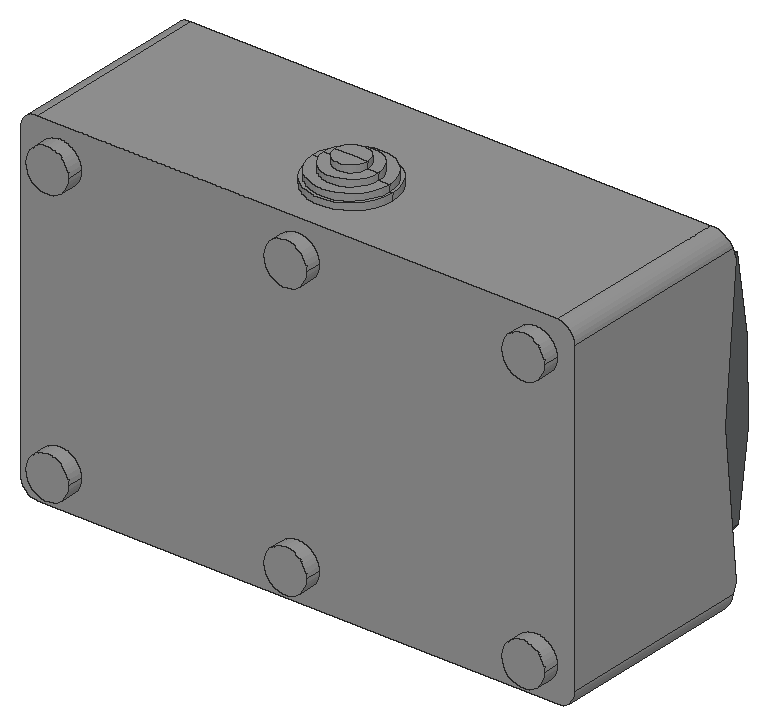
Revit family "IEK_Розетка_ОУ_З_16А_2-мест_IP54_FORS", category Электрические приборы, Revit 2019
Family settings
  Сохранять ориентацию аннотаций = Да
  Размер круглого соединителя = Использовать диаметр
  Тип детали = Нормальный
  На основе рабочей плоскости = Нет
  Всегда вертикально = Да
  При загрузке вырезать с полостями = Нет
  Общий = Нет
  Точка расчета площади = Нет
Parameters (values of type "РСб22-3-ФСр_Серый")
  Ширина = 127 mm  # constant formula
  Тип монтажа = "Поверхность монтажа (открытая установка)"  # constant formula
  Степень защиты = "IP54"  # constant formula
  Описание = "Электроустановочные изделия серии FORS подходят для эксплуатации в различных сферах, включая промышленные объекты, склады и производственные помещения. Благодаря степени защиты IP54 они стабильно работают в условиях повышенной влажности и запыленности. В комплекте есть подробная инструкция и необходимые аксессуары для быстрого монтажа. Электроустановочные изделия FORS — выбор профессионалов!"
  Материал крышки = RAL 9004
  Крышка [instance] = yes
  Изготовитель = "IEK"  # constant formula
  Диаметр_Короб [instance] = 16 mm
  Глубина = 55 mm  # constant formula
  Высота = 92 mm  # constant formula
  ΔХ [instance] = 2000 mm
  ΔY [instance] = 2000 mm
  URL = "https://www.iek.ru/"
  ADSK_Ток [instance] = 16 A  # constant formula
  ADSK_Примечание = ""
  ADSK_Полная мощность [instance] = ADSK_Номинальная мощность / ADSK_Коэффициент мощности  # 3520 VA
  ADSK_Позиция [instance] = ""
  ADSK_Номинальная мощность [instance] = ADSK_Ток * ADSK_Напряжение * sqrt(ADSK_Количество фаз числовое) * ADSK_Коэффициент мощности  # 3520 W
  ADSK_Напряжение = 220 V  # constant formula
  ADSK_Наименование краткое = "РСб22-3-ФСр"
  ADSK_Наименование = "Розетка 2-местная с заземлением для открытой установки 16А IP54 РСб22-3-ФСр серый IEK"
  ADSK_Материал обозначение = ""
  ADSK_Материал наименование = "Пластик"  # constant formula
  ADSK_Материал = Окраска - RAL 7035
  ADSK_Масса = 0.22  # constant formula
  ADSK_Марка = "FORS"  # constant formula
  ADSK_Коэффициент мощности [instance] = 1  # constant formula
  ADSK_Количество фаз числовое = 1
  ADSK_Количество фаз = 1
  ADSK_Код изделия = "ERS22-K03-16-54-DC"
  ADSK_Классификация нагрузок [instance] = Прочее
  ADSK_Завод-изготовитель = Изготовитель  # "IEK"
  ADSK_Единица измерения = "шт."  # constant formula
  ADSK_Группирование = "Электроустановочные изделия низковольтные"  # constant formula
  ADSK_Версия семейства = "01.10.25"  # constant formula
  ADSK_Версия Revit = "v2019"  # constant formula
  ADSK_URL страницы изделия = "https://qr.iek.group/ERS22-K03-16-54-DC"
Types (3, lengths in mm): name | Материал крышки | Диаметр_Короб | ADSK_Наименование краткое | ADSK_Наименование | ADSK_Материал | ADSK_Код изделия | ADSK_URL страницы изделия
  (no name) | RAL 9004 | 16 | "РСб22-3-ФСр" | "Розетка 2-местная с заземлением для открытой установки 16А IP54 РСб22-3-ФСр серый IEK" | Окраска - RAL 7035 | "ERS22-K03-16-54-DC" | "https://qr.iek.group/ERS22-K03-16-54-DC"
  РСб22-3-ФСр_Серый | RAL 9004 | 16 | "РСб22-3-ФСр" | "Розетка 2-местная с заземлением для открытой установки 16А IP54 РСб22-3-ФСр серый IEK" | Окраска - RAL 7035 | "ERS22-K03-16-54-DC" | "https://qr.iek.group/ERS22-K03-16-54-DC"
  РСб22-3-ФБ_Белый | Окраска - Белый | 11 | "РСб22-3-ФБ" | "Розетка 2-местная с заземлением для открытой установки 16А IP54 РСб22-3-ФБ белый IEK" | Окраска - Белый | "ERS22-K01-16-54-DC" | "https://qr.iek.group/ERS22-K01-16-54-DC"
Reference planes
  plane 1 "По центру (Вперед/Назад)": y = 0
  plane 2: z = 0
  plane 3 "По центру (Влево/Вправо)": x = 0
  plane 4 "Высота ножек": z = 280
  plane 5 "Высота": z = 2081.496
  plane 6: x = -2000
  plane 7: y = 2000
Forms (mm)
  Extrusion 1, void
    sketch origin (-31.463, 0, 45.5) x (1, 0, 0) y (0, 0, -1)
      loop
        arc (-16.762, -9.964) -> (-0.012, -19.5) -> (16.75, -9.984) r 19.5
        line (16.75, -9.984) -> (16.75, -2.25) -> (19.37, -2.25)
        arc (19.37, -2.25) -> (19.5, 0) -> (19.37, 2.25) r 19.5
        line (19.37, 2.25) -> (16.75, 2.25) -> (16.75, 9.984)
        arc (16.75, 9.984) -> (0, 19.5) -> (-16.75, 9.984) r 19.5
        line (-16.75, 9.984) -> (-16.75, 2.25) -> (-19.37, 2.25)
        arc (-19.37, 2.25) -> (-19.5, 0) -> (-19.37, -2.25) r 19.5
        line (-19.37, -2.25) -> (-16.75, -2.25) -> (-16.762, -9.964)
    from 29.8 to 50.392
  Extrusion 2, void
    sketch origin (-31.463, 0, 45.5) x (1, 0, 0) y (0, 0, -1)
      loop
        circle (-9.525, 0) r 2.758
      loop
        circle (9.525, 0) r 2.758
    from 29.8 to 27.3
  Extrusion 3, solid, material "Окраска - RAL 7035" <- "ADSK_Материал", detail levels fine
    sketch origin (0, 0, 45.5) x (1, 0, 0) y (0, 0, -1)
      loop
        line (-63.5, 35.5) -> (-63.5, -35.45)
        arc (-63.5, -35.45) -> (-62.314, -38.314) -> (-59.45, -39.5) r 4.05
        line (-59.45, -39.5) -> (59.5, -39.5)
        arc (59.5, -39.5) -> (62.328, -38.328) -> (63.5, -35.5) r 4
        line (63.5, -35.5) -> (63.5, 35.5)
        arc (63.5, 35.5) -> (62.328, 38.328) -> (59.5, 39.5) r 4
        line (59.5, 39.5) -> (-59.5, 39.5)
        arc (-59.5, 39.5) -> (-62.328, 38.328) -> (-63.5, 35.5) r 4
    from 3.5 to 50.392
  Extrusion 4, void
    sketch origin (31.5, 0, 32.4) x (1, 0, 0) y (0, 0, -1)
      loop
        line (-25.1, 26.4) -> (-25.1, 17.6) -> (-30.2, 10.316) -> (-30.2, -48.6)
        arc (-30.2, -48.6) -> (-29.556, -50.156) -> (-28, -50.8) r 2.2
        line (-28, -50.8) -> (28, -50.8)
        arc (28, -50.8) -> (29.556, -50.156) -> (30.2, -48.6) r 2.2
        line (30.2, -48.6) -> (30.2, 10.316) -> (25.1, 17.6) -> (25.1, 26.4) -> (-25.1, 26.4)
      loop
        arc (-3.5, 7.353) -> (-20.75, -13.1) -> (-3.5, -33.553) r 20.75
        line (-3.5, -33.553) -> (-3.5, -36.6) -> (3.5, -36.6) -> (3.5, -33.553)
        arc (3.5, -33.553) -> (20.75, -13.1) -> (3.5, 7.353) r 20.75
        line (3.5, 7.353) -> (3.5, 10.4) -> (-3.5, 10.4) -> (-3.5, 7.353)
    from 39.3 to 50.392
  Extrusion 5, solid, material "Окраска - RAL 7035" <- "ADSK_Материал", detail levels fine
    sketch origin (0, 0, 45.5) x (1, 0, 0) y (0, 0, -1)
      loop
        circle (-54.48, -31.518) r 4.9
      loop
        circle (-0.005, -31.518) r 4.9
      loop
        circle (54.48, -31.518) r 4.9
      loop
        circle (-54.48, 31.518) r 4.9
      loop
        circle (-0.005, 31.518) r 4.9
      loop
        circle (54.48, 31.518) r 4.9
    from 0 to 3.5
  Revolve 6, solid, material "Окраска - RAL 7035" <- "ADSK_Материал", detail levels fine
    sketch origin (0, 18.905, 4617.5) x (-1, 0, 0) y (0, 0, 1)
      loop
        line (0, -4526.5) -> (0, -4532.5) -> (9.541, -4532.5) -> (9.541, -4531) -> (8.75, -4531) -> (8.75, -4529.5) -> (6.25, -4529.5) -> (6.25, -4528) -> (3.75, -4528) -> (3.75, -4526.5) -> (0, -4526.5)
      loop
        line (0, -4617.5) -> (3.75, -4617.5) -> (3.75, -4616) -> (6.25, -4616) -> (6.25, -4614.5) -> (8.75, -4614.5) -> (8.75, -4613) -> (9.541, -4613) -> (9.541, -4611.5) -> (0, -4611.5) -> (0, -4617.5)
      axis (0, -4617.5) -> (0, -4526.5)
    angle from 0 to 360
  Extrusion 7, void
    sketch origin (31.251, 12.891, 32.296) x (1, 0, 0) y (0, 0, -1)
      loop
        line (-24.926, 12.673) -> (-24.926, -39.081) -> (25.074, -39.081) -> (25.074, 12.673) -> (-24.926, 12.673)
    from 34.409 to 37.501
  Extrusion 8, void
    sketch origin (0, 0, 45.5) x (0, 0, -1) y (0, 1, 0)
      loop
        line (39.5, 47.287) -> (39.5, 51.998) -> (-39.5, 51.998) -> (-39.5, 47.287) -> (-33.021, 49.493)
        arc (-33.021, 49.493) -> (0.067, 46.452) -> (33.15, 49.537) r 180.205
        arc (33.15, 49.537) -> (36.341, 48.456) -> (39.5, 47.287) r 121.61
    from -63.5 to 63.5
  Extrusion 9, void
    sketch origin (31.5, 0, 45.5) x (1, 0, 0) y (0, 0, -1)
      loop
        arc (-16.762, -9.964) -> (-0.012, -19.5) -> (16.75, -9.984) r 19.5
        line (16.75, -9.984) -> (16.75, -2.25) -> (19.37, -2.25)
        arc (19.37, -2.25) -> (19.5, 0) -> (19.37, 2.25) r 19.5
        line (19.37, 2.25) -> (16.75, 2.25) -> (16.75, 9.984)
        arc (16.75, 9.984) -> (0, 19.5) -> (-16.75, 9.984) r 19.5
        line (-16.75, 9.984) -> (-16.75, 2.25) -> (-19.37, 2.25)
        arc (-19.37, 2.25) -> (-19.5, 0) -> (-19.37, -2.25) r 19.5
        line (-19.37, -2.25) -> (-16.75, -2.25) -> (-16.762, -9.964)
    from 29.8 to 50.392
  Extrusion 10, void
    sketch origin (31.5, 0, 45.5) x (1, 0, 0) y (0, 0, -1)
      loop
        circle (-9.525, 0) r 2.758
      loop
        circle (9.525, 0) r 2.758
    from 29.8 to 27.3
  Extrusion 11, void
    sketch origin (-31.5, 0, 32.4) x (1, 0, 0) y (0, 0, -1)
      loop
        line (-25.1, 26.4) -> (-25.1, 17.6) -> (-30.2, 10.316) -> (-30.2, -48.6)
        arc (-30.2, -48.6) -> (-29.556, -50.156) -> (-28, -50.8) r 2.2
        line (-28, -50.8) -> (28, -50.8)
        arc (28, -50.8) -> (29.556, -50.156) -> (30.2, -48.6) r 2.2
        line (30.2, -48.6) -> (30.2, 10.316) -> (25.1, 17.6) -> (25.1, 26.4) -> (-25.1, 26.4)
      loop
        arc (-3.5, 7.353) -> (-20.75, -13.1) -> (-3.5, -33.553) r 20.75
        line (-3.5, -33.553) -> (-3.5, -36.6) -> (3.5, -36.6) -> (3.5, -33.553)
        arc (3.5, -33.553) -> (20.75, -13.1) -> (3.5, 7.353) r 20.75
        line (3.5, 7.353) -> (3.5, 10.4) -> (-3.5, 10.4) -> (-3.5, 7.353)
    from 39.3 to 50.392
  Extrusion 12, void
    sketch origin (-31.251, 12.891, 32.296) x (-1, 0, 0) y (0, 0, 1)
      loop
        line (-24.926, -12.673) -> (25.074, -12.673) -> (25.074, 39.081) -> (-24.926, 39.081) -> (-24.926, -12.673)
    from 34.409 to 37.501
  Extrusion 13, solid, material "RAL 9004" <- "Материал крышки", visible <- "Крышка", detail levels fine
    sketch origin (31.5, 0, -56.325) x (0, 0, -1) y (0, 1, 0)
      loop
        line (-137.825, 45.3) -> (-137.825, 39.3) -> (-135.825, 39.3) -> (-135.825, 44.857) -> (-134.019, 48.731)
        arc (-134.019, 48.731) -> (-102.572, 45.387) -> (-71.125, 48.731) r 149.542
        arc (-71.125, 48.731) -> (-67.407, 47.585) -> (-63.725, 46.326) r 126.941
        line (-63.725, 46.326) -> (-63.725, 39.3) -> (-62.325, 39.3) -> (-62.325, 47.287)
        arc (-62.325, 47.287) -> (-98.143, 55.179) -> (-134.685, 52.033) r 121.61
        line (-134.685, 52.033) -> (-137.825, 45.3)
    from -30.2 to 30.2
  Extrusion 14, void
    sketch origin (31.5, 0, 32.4) x (1, 0, 0) y (0, 0, -1)
      loop
        line (-25.1, 17.6) -> (-25.1, 26.4) -> (-30.2, 26.4) -> (-30.2, 10.316) -> (-25.1, 17.6)
      loop
        line (30.2, 10.316) -> (30.2, 26.4) -> (25.1, 26.4) -> (25.1, 17.6) -> (30.2, 10.316)
      loop
        line (-11.25, -50.2) -> (11.25, -50.2) -> (11.25, -46.2) -> (-11.25, -46.2) -> (-11.25, -50.2)
    from 39.3 to 52.424
  Extrusion 15, solid, material "RAL 9004" <- "Материал крышки", visible <- "Крышка", detail levels fine
    sketch origin (-31.5, 0, -56.325) x (0, 0, -1) y (0, 1, 0)
      loop
        line (-137.825, 45.3) -> (-137.825, 39.3) -> (-135.825, 39.3) -> (-135.825, 44.857) -> (-134.019, 48.731)
        arc (-134.019, 48.731) -> (-102.572, 45.387) -> (-71.125, 48.731) r 149.542
        arc (-71.125, 48.731) -> (-67.407, 47.585) -> (-63.725, 46.326) r 126.941
        line (-63.725, 46.326) -> (-63.725, 39.3) -> (-62.325, 39.3) -> (-62.325, 47.287)
        arc (-62.325, 47.287) -> (-98.143, 55.179) -> (-134.685, 52.033) r 121.61
        line (-134.685, 52.033) -> (-137.825, 45.3)
    from -30.2 to 30.2
  Extrusion 16, void
    sketch origin (-31.5, 0, 32.4) x (1, 0, 0) y (0, 0, -1)
      loop
        line (-25.1, 17.6) -> (-25.1, 26.4) -> (-30.2, 26.4) -> (-30.2, 10.316) -> (-25.1, 17.6)
      loop
        line (30.2, 10.316) -> (30.2, 26.4) -> (25.1, 26.4) -> (25.1, 17.6) -> (30.2, 10.316)
      loop
        line (-11.25, -50.2) -> (11.25, -50.2) -> (11.25, -46.2) -> (-11.25, -46.2) -> (-11.25, -50.2)
    from 39.3 to 52.424
  Extrusion 17, solid, detail levels coarse
    sketch origin (0, 0, 0) x (1, 0, 0) y (0, 1, 0)
      loop
        line (-63.5, 0) -> (63.5, 0) -> (63.5, 55.44) -> (-63.5, 55.44) -> (-63.5, 0)
    from 0 to 91
  Extrusion 18, solid, material "Окраска - RAL 7035" <- "ADSK_Материал", detail levels medium
    sketch origin (0, 0, 0) x (1, 0, 0) y (0, 1, 0)
      loop
        line (-63.5, 55.44) -> (-63.5, 0) -> (63.5, 0) -> (63.5, 55.44) -> (-63.5, 55.44)
    from 0 to 91
Cuts and joins
  Extrusion 1, Extrusion 2, Extrusion 4, Extrusion 7, Extrusion 8, Extrusion 9, Extrusion 10, Extrusion 11, Extrusion 12 cuts Extrusion 3
  Extrusion 14 cuts Extrusion 13
  Extrusion 16 cuts Extrusion 15
Lines and regions (mm)
  reference lines
    curve 1: line (0, 44.647, 0) -> (0, -55.353, 0)
    curve 2: line (-23.829, 0, 0) -> (76.171, 0, 0)
Dimensions and locks
  locked: plane 4 "Высота ножек" to plane 2 at 280
  plane 5 "Высота" to plane 4 "Высота ножек" = 1801.496 mm
  "ΔХ": plane 6 to curve 1
  "ΔY": plane 7 to curve 2
  aligned and locked: level to plane 2
  aligned and locked: nested 1 to curve 1
  aligned and locked: curve 2 to nested 1
Automatic sketch dimensions
  Extrusion 1 sketch curve to Extrusion 1 sketch curve = 0 mm  (x14)
  Extrusion 1 sketch curve to plane 3 "По центру (Влево/Вправо)" = 50.833 mm
  Extrusion 1 sketch curve to Extrusion 1 sketch curve = 2.62 mm  (x4)
  Extrusion 1 sketch curve to Extrusion 1 sketch curve = 16.75 mm
  Extrusion 1 sketch curve to plane 3 "По центру (Влево/Вправо)" = 14.713 mm
  level to Extrusion 1 sketch curve = 55.484 mm
  Extrusion 1 sketch curve to Extrusion 1 sketch curve = 7.734 mm  (x3)
  Extrusion 1 sketch curve to Extrusion 1 sketch curve = 2.25 mm
  Extrusion 1 sketch curve to Extrusion 1 sketch curve = 0.012 mm
  Extrusion 2 sketch curve to plane 3 "По центру (Влево/Вправо)" = 40.988 mm
  Extrusion 2 sketch curve to Extrusion 2 sketch curve = 19.049 mm
  level to Extrusion 2 sketch curve = 45.5 mm
  Extrusion 2 sketch curve to Extrusion 2 sketch curve = 0 mm
  level to Extrusion 3 sketch curve = 10 mm  (x2)
  Extrusion 3 sketch curve to plane 3 "По центру (Влево/Вправо)" = 63.5 mm
  Extrusion 3 sketch curve to Extrusion 3 sketch curve = 4 mm
  Extrusion 3 sketch curve to Extrusion 3 sketch curve = 4.05 mm
  plane 3 "По центру (Влево/Вправо)" to Extrusion 3 sketch curve = 59.5 mm  (x2)
  level to Extrusion 3 sketch curve = 80.95 mm
  Extrusion 4 sketch curve to Extrusion 4 sketch curve = 0 mm  (x2)
  plane 3 "По центру (Влево/Вправо)" to Extrusion 4 sketch curve = 1.3 mm
  Extrusion 4 sketch curve to Extrusion 4 sketch curve = 2.2 mm
  level to Extrusion 4 sketch curve = 14.8 mm  (x2)
  plane 3 "По центру (Влево/Вправо)" to Extrusion 4 sketch curve = 6.4 mm
  level to Extrusion 4 sketch curve = 22 mm
  Extrusion 4 sketch curve to Extrusion 4 sketch curve = 21.6 mm  (x2)
  Extrusion 4 sketch curve to Extrusion 4 sketch curve = 24.5 mm  (x2)
  Extrusion 4 sketch curve to Extrusion 4 sketch curve = 3.5 mm
  Extrusion 4 sketch curve to Extrusion 4 sketch curve = 7 mm  (x2)
  level to Extrusion 4 sketch curve = 22.084 mm  (x2)
  Extrusion 4 sketch curve to Extrusion 4 sketch curve = 5.1 mm
  Extrusion 4 sketch curve to Extrusion 4 sketch curve = 3.047 mm  (x3)
  Extrusion 4 sketch curve to Extrusion 4 sketch curve = 20.453 mm
  Extrusion 4 sketch curve to Extrusion 4 sketch curve = 12 mm
  Extrusion 4 sketch curve to Extrusion 4 sketch curve = 8.8 mm
  level to Extrusion 5 sketch curve = 13.982 mm  (x3)
  Extrusion 5 sketch curve to plane 3 "По центру (Влево/Вправо)" = 54.48 mm  (x2)
  Extrusion 5 sketch curve to plane 3 "По центру (Влево/Вправо)" = 0.005 mm  (x2)
  plane 3 "По центру (Влево/Вправо)" to Extrusion 5 sketch curve = 54.48 mm  (x2)
  level to Extrusion 5 sketch curve = 77.018 mm  (x2)
  Extrusion 5 sketch curve to Extrusion 5 sketch curve = 0 mm
  Revolve 6 sketch curve to plane 3 "По центру (Влево/Вправо)" = 0 mm  (x3)
  Revolve 6 sketch curve to plane 3 "По центру (Влево/Вправо)" = 3.75 mm  (x2)
  Revolve 6 sketch curve to Revolve 6 sketch curve = 2.5 mm  (x4)
  Revolve 6 sketch curve to Revolve 6 sketch curve = 0.791 mm  (x2)
  Revolve 6 sketch curve to level = 0 mm
  Revolve 6 sketch curve to Revolve 6 sketch curve = 1.5 mm  (x7)
  Revolve 6 sketch curve to Revolve 6 sketch curve = 4.5 mm
  level to Revolve 6 sketch curve = 85 mm
  Revolve 6 sketch curve to Revolve 6 sketch curve = 1478.5 mm
  Revolve 6 sketch curve to plane 5 "Высота" = 511.996 mm
  plane 3 "По центру (Влево/Вправо)" to Extrusion 7 sketch curve = 6.325 mm
  Extrusion 7 sketch curve to Extrusion 7 sketch curve = 50 mm
  level to Extrusion 7 sketch curve = 71.377 mm
  level to Extrusion 7 sketch curve = 19.623 mm
  Extrusion 8 sketch curve to plane 1 "По центру (Вперед/Назад)" = 51.998 mm
  level to Extrusion 8 sketch curve = 85 mm
  Extrusion 8 sketch curve to Extrusion 8 sketch curve = 6.479 mm
  level to Extrusion 8 sketch curve = 49.778 mm
  level to Extrusion 8 sketch curve = 45.554 mm
  level to Extrusion 8 sketch curve = 6 mm
  Extrusion 8 sketch curve to Extrusion 8 sketch curve = 2.505 mm
  Extrusion 8 sketch curve to Extrusion 8 sketch curve = 4.711 mm  (x2)
  plane 1 "По центру (Вперед/Назад)" to Extrusion 8 sketch curve = 66.17 mm
  Extrusion 8 sketch curve to Extrusion 8 sketch curve = 174.659 mm
  Extrusion 9 sketch curve to Extrusion 9 sketch curve = 0 mm  (x14)
  plane 3 "По центру (Влево/Вправо)" to Extrusion 9 sketch curve = 12.13 mm
  Extrusion 9 sketch curve to Extrusion 9 sketch curve = 2.62 mm  (x4)
  Extrusion 9 sketch curve to Extrusion 9 sketch curve = 16.75 mm  (x2)
  level to Extrusion 9 sketch curve = 55.484 mm
  Extrusion 9 sketch curve to Extrusion 9 sketch curve = 7.734 mm  (x3)
  Extrusion 9 sketch curve to Extrusion 9 sketch curve = 2.25 mm
  Extrusion 9 sketch curve to Extrusion 9 sketch curve = 0.012 mm
  plane 3 "По центру (Влево/Вправо)" to Extrusion 10 sketch curve = 21.975 mm
  Extrusion 10 sketch curve to Extrusion 10 sketch curve = 19.049 mm
  level to Extrusion 10 sketch curve = 45.5 mm
  Extrusion 10 sketch curve to Extrusion 10 sketch curve = 0 mm
  Extrusion 11 sketch curve to Extrusion 11 sketch curve = 0 mm  (x2)
  level to Extrusion 11 sketch curve = 22.084 mm  (x2)
  Extrusion 11 sketch curve to plane 3 "По центру (Влево/Вправо)" = 61.7 mm
  Extrusion 11 sketch curve to Extrusion 11 sketch curve = 2.2 mm
  level to Extrusion 11 sketch curve = 14.8 mm  (x2)
  Extrusion 11 sketch curve to Extrusion 11 sketch curve = 5.1 mm
  level to Extrusion 11 sketch curve = 22 mm
  Extrusion 11 sketch curve to Extrusion 11 sketch curve = 21.6 mm
  Extrusion 11 sketch curve to Extrusion 11 sketch curve = 24.5 mm
  Extrusion 11 sketch curve to Extrusion 11 sketch curve = 3.5 mm
  Extrusion 11 sketch curve to Extrusion 11 sketch curve = 7 mm  (x2)
  Extrusion 11 sketch curve to plane 3 "По центру (Влево/Вправо)" = 6.4 mm
  Extrusion 11 sketch curve to plane 3 "По центру (Влево/Вправо)" = 3.5 mm
  Extrusion 11 sketch curve to plane 3 "По центру (Влево/Вправо)" = 1.3 mm
  Extrusion 11 sketch curve to Extrusion 11 sketch curve = 3.047 mm  (x3)
  Extrusion 11 sketch curve to Extrusion 11 sketch curve = 20.453 mm
  Extrusion 11 sketch curve to Extrusion 11 sketch curve = 12 mm
  Extrusion 11 sketch curve to Extrusion 11 sketch curve = 8.8 mm
  Extrusion 12 sketch curve to plane 3 "По центру (Влево/Вправо)" = 6.325 mm
  Extrusion 12 sketch curve to Extrusion 12 sketch curve = 50 mm
  level to Extrusion 12 sketch curve = 19.623 mm
  Extrusion 12 sketch curve to Extrusion 12 sketch curve = 51.754 mm
  Extrusion 13 sketch curve to plane 1 "По центру (Вперед/Назад)" = 39.3 mm
  level to Extrusion 13 sketch curve = 81.5 mm
  Extrusion 13 sketch curve to Extrusion 13 sketch curve = 2 mm
  Extrusion 13 sketch curve to plane 1 "По центру (Вперед/Назад)" = 52.033 mm
  Extrusion 13 sketch curve to Extrusion 13 sketch curve = 1.14 mm
  Extrusion 13 sketch curve to plane 1 "По центру (Вперед/Назад)" = 48.731 mm
  Extrusion 13 sketch curve to Extrusion 13 sketch curve = 0.667 mm
  level to Extrusion 13 sketch curve = 50.318 mm
  Extrusion 13 sketch curve to Extrusion 13 sketch curve = 0.54 mm
  level to Extrusion 13 sketch curve = 46.247 mm
  level to Extrusion 13 sketch curve = 7.4 mm
  Extrusion 13 sketch curve to Extrusion 13 sketch curve = 1.4 mm
  plane 1 "По центру (Вперед/Назад)" to Extrusion 13 sketch curve = 66.17 mm
  Extrusion 13 sketch curve to Extrusion 13 sketch curve = 6.97 mm
  Extrusion 13 sketch curve to Extrusion 13 sketch curve = 7.987 mm
  Extrusion 13 sketch curve to Extrusion 13 sketch curve = 3.874 mm
  Extrusion 13 sketch curve to Extrusion 13 sketch curve = 0.443 mm
  Extrusion 13 sketch curve to Extrusion 13 sketch curve = 0.962 mm
  Extrusion 13 sketch curve to Extrusion 13 sketch curve = 142.896 mm
  plane 3 "По центру (Влево/Вправо)" to Extrusion 14 sketch curve = 1.3 mm
  Extrusion 14 sketch curve to Extrusion 14 sketch curve = 5.1 mm  (x2)
  plane 3 "По центру (Влево/Вправо)" to Extrusion 14 sketch curve = 20.25 mm
  Extrusion 14 sketch curve to Extrusion 14 sketch curve = 22.5 mm
  level to Extrusion 14 sketch curve = 14.8 mm  (x2)
  Extrusion 14 sketch curve to Extrusion 14 sketch curve = 50.2 mm
  level to Extrusion 14 sketch curve = 22.084 mm  (x2)
  Extrusion 14 sketch curve to Extrusion 14 sketch curve = 56.516 mm
  Extrusion 14 sketch curve to Extrusion 14 sketch curve = 4 mm
  Extrusion 14 sketch curve to Extrusion 14 sketch curve = 8.8 mm  (x2)
  Extrusion 15 sketch curve to plane 1 "По центру (Вперед/Назад)" = 39.3 mm
  level to Extrusion 15 sketch curve = 81.5 mm
  Extrusion 15 sketch curve to Extrusion 15 sketch curve = 2 mm
  Extrusion 15 sketch curve to plane 1 "По центру (Вперед/Назад)" = 52.033 mm
  Extrusion 15 sketch curve to Extrusion 15 sketch curve = 1.14 mm
  Extrusion 15 sketch curve to plane 1 "По центру (Вперед/Назад)" = 48.731 mm
  Extrusion 15 sketch curve to Extrusion 15 sketch curve = 0.667 mm
  level to Extrusion 15 sketch curve = 50.318 mm
  Extrusion 15 sketch curve to Extrusion 15 sketch curve = 0.54 mm
  level to Extrusion 15 sketch curve = 46.247 mm
  level to Extrusion 15 sketch curve = 7.4 mm
  Extrusion 15 sketch curve to Extrusion 15 sketch curve = 1.4 mm
  plane 1 "По центру (Вперед/Назад)" to Extrusion 15 sketch curve = 66.17 mm
  Extrusion 15 sketch curve to Extrusion 15 sketch curve = 6.97 mm
  Extrusion 15 sketch curve to Extrusion 15 sketch curve = 7.987 mm
  Extrusion 15 sketch curve to Extrusion 15 sketch curve = 3.874 mm
  Extrusion 15 sketch curve to Extrusion 15 sketch curve = 0.443 mm
  Extrusion 15 sketch curve to Extrusion 15 sketch curve = 0.962 mm
  Extrusion 15 sketch curve to Extrusion 15 sketch curve = 142.896 mm
  level to Extrusion 16 sketch curve = 22.084 mm  (x2)
  Extrusion 16 sketch curve to plane 3 "По центру (Влево/Вправо)" = 61.7 mm
  Extrusion 16 sketch curve to Extrusion 16 sketch curve = 5.1 mm
  Extrusion 16 sketch curve to plane 3 "По центру (Влево/Вправо)" = 42.75 mm
  Extrusion 16 sketch curve to plane 3 "По центру (Влево/Вправо)" = 20.25 mm
  level to Extrusion 16 sketch curve = 14.8 mm  (x2)
  Extrusion 16 sketch curve to plane 3 "По центру (Влево/Вправо)" = 6.4 mm
  Extrusion 16 sketch curve to plane 3 "По центру (Влево/Вправо)" = 1.3 mm
  level to Extrusion 16 sketch curve = 78.6 mm
  Extrusion 16 sketch curve to Extrusion 16 sketch curve = 4 mm
  Extrusion 16 sketch curve to Extrusion 16 sketch curve = 8.8 mm  (x2)
  plane 1 "По центру (Вперед/Назад)" to Extrusion 17 sketch curve = 0 mm
  Extrusion 17 sketch curve to plane 3 "По центру (Влево/Вправо)" = 63.5 mm
  plane 3 "По центру (Влево/Вправо)" to Extrusion 17 sketch curve = 63.5 mm
  Extrusion 17 sketch curve to plane 1 "По центру (Вперед/Назад)" = 55.44 mm
  plane 1 "По центру (Вперед/Назад)" to Extrusion 18 sketch curve = 0 mm
  Extrusion 18 sketch curve to plane 3 "По центру (Влево/Вправо)" = 63.5 mm
  plane 3 "По центру (Влево/Вправо)" to Extrusion 18 sketch curve = 63.5 mm
  Extrusion 18 sketch curve to plane 1 "По центру (Вперед/Назад)" = 55.44 mm
  curve 2 to plane 3 "По центру (Влево/Вправо)" = 23.829 mm
  plane 3 "По центру (Влево/Вправо)" to curve 2 = 76.171 mm
  plane 1 "По центру (Вперед/Назад)" to curve 1 = 55.353 mm
  curve 1 to plane 1 "По центру (Вперед/Назад)" = 44.647 mm
  radius of Extrusion 2 sketch curve = 2.758 mm  (x2)
  radius of Extrusion 5 sketch curve = 4.9 mm  (x6)
  radius of Extrusion 10 sketch curve = 2.758 mm  (x2)
Nested families
  nested 1: "УГО Розетки" at (0, 0, 0), type "2PE-O", detail levels coarse+medium
    with Количество в блоке "2Б", Блок розеток yes, IP44 yes
Connectors
  electrical at (0.006, 3.5, 45.494), driven by "ADSK_Количество фаз", driven by "ADSK_Классификация нагрузок", driven by "ADSK_Напряжение", driven by "ADSK_Полная мощность", driven by "ADSK_Коэффициент мощности", driven by "ADSK_Полная мощность"
    settings: on cut or joined group of Extrusion 1, Extrusion 2, Extrusion 3, Extrusion 4, Extrusion 7, Extrusion 8, Extrusion 9, Extrusion 10, Extrusion 11, Extrusion 12, index 1, voltage 220 V, apparent load 3520 VA, apparent load phase1 3520 VA, apparent load phase2 0 VA, apparent load phase3 0 VA, power factor 1, load classification "Прочее", number of poles 1, system type 30, power factor state 1, is connector primary yes, connector utility no, sub classification motor no, connector description ""
  cabletrayconduit at (0, 18.905, 91), diameter 16, driven by "Диаметр_Короб"
    settings: on Revolve 6, index 2, connector width 300 mm, connector height 300 mm, connector angle 0.00°, system type 32, placement type 0, profile type 0, connector reference index 3, is primary connector yes, connector utility param no, connector description ""
  cabletrayconduit at (0, 18.905, 0), diameter 16, driven by "Диаметр_Короб"
    settings: on Revolve 6, index 3, connector width 300 mm, connector height 300 mm, connector angle 0.00°, system type 32, placement type 0, profile type 0, connector reference index 2, is primary connector no, connector utility param no, connector description ""
Definition of nested family "УГО Розетки"
  Parameters (values of type "3PE-O")
    Количество в блоке [instance] = ""
    Блок розеток [instance] = no
    IP44 [instance] = no
    3PE-O = yes
    3PE-C = no
    2PE-O = no
    2PE-C = no
    2P-O = no
    2P-C = no
  Types (6, lengths in mm): name | 3PE-O | 3PE-C | 2PE-O | 2PE-C | 2P-O | 2P-C
    2P-O | no | no | no | no | yes | no
    3PE-O | yes | no | no | no | no | no
    2P-C | no | no | no | no | no | yes
    2PE-C | no | no | no | yes | no | no
    2PE-O | no | no | yes | no | no | no
    3PE-C | no | yes | no | no | no | no
  Reference planes
    plane 1: y = 0
    plane 2: x = 0
  Lines and regions (mm)
    Filled region 1, type "Цветовая область 1", visible <- "IP44"
      outline origin (0, 0, 0) x (1, 0, 0) y (0, 1, 0)
        loop
          line (-2.5, 0) -> (2.5, 0)
          arc (2.5, 0) -> (0, 2.5) -> (-2.5, 0) r 2.5
    Filled region 2, type "Цветовая область 1", visible <- "IP44", not visible
      outline origin (0, 0, 0) x (1, 0, 0) y (0, 1, 0)
        loop
          line (-2.5, 4.664) -> (2.5, 4.664)
          arc (2.5, 4.664) -> (0, 7.164) -> (-2.5, 4.664) r 2.5
    detail lines
      curve 1: line (-2.5, 0, 0) -> (2.5, 0, 0)
      curve 3: line (0, 2.5, 0) -> (0, 5, 0)
      curve 4: arc (-2.5, 0, 0) -> (0, 2.5, 0) -> (2.5, 0, 0) r 2.5
    detail lines, visible <- "3PE-C"
      curve 2: line (0, 0, 0) -> (0, 2.5, 0)
      curve 5: line (-2.5, 2.5, 0) -> (2.5, 2.5, 0)
      curve 17: line (0, 2.5, 0) -> (1.768, 4.268, 0)
      curve 18: line (0, 2.5, 0) -> (-1.768, 4.268, 0)
    detail lines, not visible
      curve 6: line (-2.5, 4.664, 0) -> (2.5, 4.664, 0)
      curve 8: line (0, 7.164, 0) -> (0, 9.664, 0)
      curve 9: arc (-2.5, 4.664, 0) -> (0, 7.164, 0) -> (2.5, 4.664, 0) r 2.5
    detail lines, visible <- "3PE-C", not visible
      curve 7: line (0, 4.664, 0) -> (0, 7.164, 0)
      curve 10: line (-2.5, 7.164, 0) -> (2.5, 7.164, 0)
      curve 23: line (0, 7.164, 0) -> (1.768, 8.932, 0)
      curve 24: line (0, 7.164, 0) -> (-1.768, 8.932, 0)
    detail lines, visible <- "3PE-O"
      curve 11: line (-2.5, 2.5, 0) -> (2.5, 2.5, 0)
      curve 19: line (0, 2.5, 0) -> (1.768, 4.268, 0)
      curve 20: line (0, 2.5, 0) -> (-1.768, 4.268, 0)
    detail lines, visible <- "3PE-O", not visible
      curve 12: line (-2.5, 7.164, 0) -> (2.5, 7.164, 0)
      curve 25: line (0, 7.164, 0) -> (1.768, 8.932, 0)
      curve 26: line (0, 7.164, 0) -> (-1.768, 8.932, 0)
    detail lines, visible <- "2PE-C"
      curve 13: line (0, 0, 0) -> (0, 2.5, 0)
      curve 22: line (-2.5, 2.5, 0) -> (2.5, 2.5, 0)
    detail lines, visible <- "2P-C"
      curve 14: line (0, 0, 0) -> (0, 2.5, 0)
    detail lines, visible <- "2PE-C", not visible
      curve 15: line (0, 4.664, 0) -> (0, 7.164, 0)
      curve 28: line (-2.5, 7.164, 0) -> (2.5, 7.164, 0)
    detail lines, visible <- "2P-C", not visible
      curve 16: line (0, 4.664, 0) -> (0, 7.164, 0)
    detail lines, visible <- "2PE-O"
      curve 21: line (-2.5, 2.5, 0) -> (2.5, 2.5, 0)
    detail lines, visible <- "2PE-O", not visible
      curve 27: line (-2.5, 7.164, 0) -> (2.5, 7.164, 0)
    reference lines
      curve 29: line (100, 9.605, 0) -> (100, -3.971, 0)
  Text (mm)
    label "3" at (1.908, 5.573, 0), shows "Количество в блоке", visible <- "Блок розеток"
    label "3" at (1.908, 10.237, 0), shows "Количество в блоке", visible <- "Блок розеток", not visible
  Dimensions and locks
    aligned and locked: Filled region 1 sketch curve to curve 4
    aligned and locked: Filled region 2 sketch curve to curve 9
